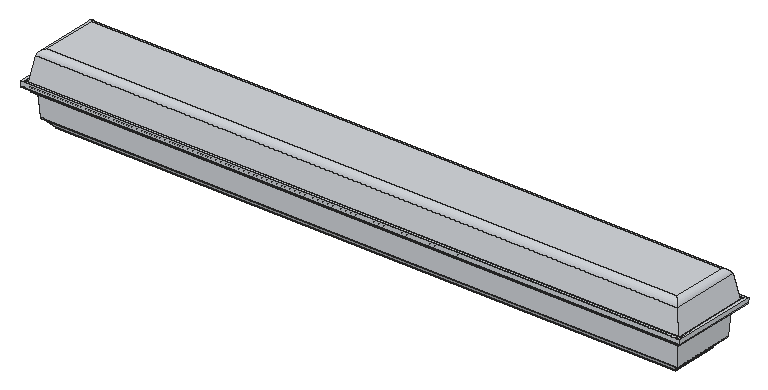
Revit family "Q2", category Lighting Fixtures, host Face, Revit 2025
Family settings
  Host = Face
  Round Connector Dimension = Use Diameter
  Part Type = Normal
  Cut with Voids When Loaded = No
  Light Source = Yes
  Maintain Annotation Orientation = Yes
  Shared = No
  Room Calculation Point = No
Parameters (values of type "METALUX 4VT2-LD4-8-DR-UNV-L835-CD1-WL-U")
  Width = 49 13/16"
  Wattage = 9.2903 W
  built-in parameter 1150110 = 1 (stored number, unit not read)
  URL = "https://www.zoro.com/metalux-ld4-8000lm-unv-3500k-cd1-wl-u-4vt2-4vt2-ld4-8-dr-unv-l835-cd1-wl-u/i/G1221719/"
  built-in parameter 1114217 = 1 (stored number, unit not read)
  built-in parameter 1150109 = 1 (stored number, unit not read)
  built-in parameter 1150134 = 3
  Sweep Margin = 3"
  built-in parameter 1150113 = 1 (stored number, unit not read)
  Offset [instance] = 0"
  Nominal Width = Width - (Sweep Margin * 2)  # 43 13/16"
  Model = "METALUX 4VT2-LD4-8-DR-UNV-L835-CD1-WL-U"
  Manufacturer = "Cooper Lighting Solutions"
  built-in parameter 1150105 = 439.27 (stored number, unit not read)
  Lumens = 1380 lm
  built-in parameter 1150115 = 1 (stored number, unit not read)
  Light Source Symbol Size = 36"
  built-in parameter 1150137 = (empty or 0)
  built-in parameter 1150139 = (empty or 0)
  built-in parameter 1150112 = 1 (stored number, unit not read)
  built-in parameter 1150114 = 1 (stored number, unit not read)
  built-in parameter 1150132 = (empty or 0)
  built-in parameter 1150102 = (empty or 0)
  built-in parameter 1150107 = 3200 (stored number, unit not read)
  built-in parameter 1150138 = (empty or 0)
  built-in parameter 1150106 = 4.3927 (stored number, unit not read)
  Height = 6.45575"
  Emit from Line Length = 24"
  built-in parameter 1150104 = 13.8 (stored number, unit not read)
  Dimming Lamp Color Temperature Shift = <None>
  Default Elevation = 48"
  Color Filter = 16777215
  Ballast Voltage = 0 V
  built-in parameter 1114218 = 1 (stored number, unit not read)
  built-in parameter 1150133 = 10 (stored number, unit not read)
  Apparent Load = 0 VA
Reference planes (in)
  plane 1 "Center (Front/Back)": y = 0
  plane 2: z = 0
  plane 3 "Center (Left/Right)": x = 0
  plane 4: y = 0.5
  plane 5: z = 0
  plane 6: x = -19.5047163
  plane 7: x = -16.5268409
  plane 8: y = 0
  plane 9: x = 0
  plane 10: z = 0
  plane 11: y = 0.5
  plane 12: z = 0
  plane 13: x = -16.5268409
  plane 14: z = 0
Forms (in)
  Sweep 1, solid, detail levels medium+fine
    path origin (0, -32.2738911, 0) x (1, 0, 0) y (0, 1, 0)
      loop
        line (-21.90625, 32.5238911) -> (-21.90625, 32.0238911) -> (21.90625, 32.0238911) -> (21.90625, 32.5238911) -> (-21.90625, 32.5238911)
    profile origin (0, 0.25, 0) x (0, 1, 0) y (0, 0, 1)
      loop
        line (1.8517777, 2.2280208) -> (0, 2.2280208) -> (0, -2.7744571) -> (0.2770275, -2.7744571) -> (0.5184892, -3.058736) -> (0.5526464, -3.0873973) -> (0.6080021, -3.1002343) -> (1.4023195, -3.1002343)
        arc (1.4023195, -3.1002343) -> (1.4566291, -3.0879562) -> (1.5003753, -3.0535099) r 0.1262521
        line (1.5003753, -3.0535099) -> (1.9422799, -2.5288614) -> (1.977364, -2.5117497)
        arc (1.977364, -2.5117497) -> (2.0626007, -2.4785934) -> (2.1030484, -2.3965652) r 0.1261803
        line (2.1030484, -2.3965652) -> (2.2555141, -0.6536343) -> (2.5283161, -0.6042732) -> (2.5793382, -0.3148419)
        arc (2.5793382, -0.3148419) -> (2.6008914, -0.277474) -> (2.6414339, -0.2627362) r 0.062992
        line (2.6414339, -0.2627362) -> (2.8826411, -0.2627362)
        arc (2.8826411, -0.2627362) -> (2.9252795, -0.2461462) -> (2.9454929, -0.2051013) r 0.0630879
        line (2.9454929, -0.2051013) -> (2.9778753, 0.1681459) -> (2.7854208, 0.1681459)
        arc (2.7854208, 0.1681459) -> (2.7657435, 0.1611198) -> (2.7574287, 0.1419514) r 0.0262523
        line (2.7574287, 0.1419514) -> (2.7574287, 0.110421)
        arc (2.7574287, 0.110421) -> (2.6998587, 0.0475936) -> (2.6322523, 0.0994681) r 0.0630674
        line (2.6322523, 0.0994681) -> (2.3276479, 1.8267446)
        arc (2.3276479, 1.8267446) -> (2.1624608, 2.1136539) -> (1.8517777, 2.2280208) r 0.4856194
  Extrusion 2, solid, detail levels medium+fine
    sketch origin (0, 0, 0) x (1, 0, 0) y (0, 1, 0)
      loop
        line (-23.4066253, 1.7503753) -> (-23.4066253, -1.7503753) -> (23.4066253, -1.7503753) -> (23.4066253, 1.7503753) -> (-23.4066253, 1.7503753)
    from -3.1002343 to 2.2280208
  Sweep 3, solid, not visible, detail levels medium+fine
    path origin (0, -32.2738911, 0) x (1, 0, 0) y (0, 1, 0)
      loop
        line (-21.90625, 32.5238911) -> (-21.90625, 32.0238911) -> (21.90625, 32.0238911) -> (21.90625, 32.5238911) -> (-21.90625, 32.5238911)
    profile origin (0, 0.25, 0) x (0, 1, 0) y (0, 0, 1)
      loop
        line (1.8517777, 2.2280208) -> (0, 2.2280208) -> (0, -2.7744571) -> (0.2770275, -2.7744571) -> (0.5184892, -3.058736) -> (0.5526464, -3.0873973) -> (0.6080021, -3.1002343) -> (1.4023195, -3.1002343)
        arc (1.4023195, -3.1002343) -> (1.4566291, -3.0879562) -> (1.5003753, -3.0535099) r 0.1262521
        line (1.5003753, -3.0535099) -> (1.9422799, -2.5288614) -> (1.977364, -2.5117497)
        arc (1.977364, -2.5117497) -> (2.0626007, -2.4785934) -> (2.1030484, -2.3965652) r 0.1261803
        line (2.1030484, -2.3965652) -> (2.2555141, -0.6536343) -> (2.5283161, -0.6042732) -> (2.5793382, -0.3148419)
        arc (2.5793382, -0.3148419) -> (2.6008914, -0.277474) -> (2.6414339, -0.2627362) r 0.062992
        line (2.6414339, -0.2627362) -> (2.8826411, -0.2627362)
        arc (2.8826411, -0.2627362) -> (2.9252795, -0.2461462) -> (2.9454929, -0.2051013) r 0.0630879
        line (2.9454929, -0.2051013) -> (2.9778753, 0.1681459) -> (2.7854208, 0.1681459)
        arc (2.7854208, 0.1681459) -> (2.7657435, 0.1611198) -> (2.7574287, 0.1419514) r 0.0262523
        line (2.7574287, 0.1419514) -> (2.7574287, 0.110421)
        arc (2.7574287, 0.110421) -> (2.6998587, 0.0475936) -> (2.6322523, 0.0994681) r 0.0630674
        line (2.6322523, 0.0994681) -> (2.3276479, 1.8267446)
        arc (2.3276479, 1.8267446) -> (2.1624608, 2.1136539) -> (1.8517777, 2.2280208) r 0.4856194
Cuts and joins
  joined: Sweep 1, Extrusion 2
Lines and regions (in)
  symbolic lines
    curve 1: line (-24.90625, 3.2278753, 0) -> (24.90625, 3.2278753, 0)
    curve 2: line (-24.90625, -3.2278753, 0) -> (-24.90625, 3.2278753, 0)
    curve 3: line (24.90625, -3.2278753, 0) -> (-24.90625, -3.2278753, 0)
    curve 4: line (24.90625, 3.2278753, 0) -> (24.90625, -3.2278753, 0)
Dimensions and locks (in)
  Sweep 1 sketch curve to Sweep 1 sketch curve = 1/2"
  plane 6 to plane 7 = 2.97788"
  "Nominal Width": Sweep 1 sketch curve to Sweep 1 sketch curve
  cut or joined group of Sweep 1, Extrusion 2 to cut or joined group of Sweep 1, Extrusion 2 = 49.76825"
  "Height": cut or joined group of Sweep 1, Extrusion 2 to cut or joined group of Sweep 1, Extrusion 2
  equal spacing: curve 2, plane 3 "Center (Left/Right)", curve 4
  equal spacing: curve 1, plane 1 "Center (Front/Back)", curve 3
  "Width": curve 2 to curve 4
  "Height": curve 1 to curve 3
  Sweep 3 sketch curve to Sweep 3 sketch curve = 1/2"
  "Nominal Width": Sweep 3 sketch curve to Sweep 3 sketch curve
  "Offset": plane 10 to plane 2
  aligned and locked: plane 2 to host face
  aligned and locked: level to host face
  aligned and locked: Sweep 1 to Extrusion 2
  aligned and locked: Extrusion 2 to Sweep 1
  aligned and locked: Extrusion 2 sketch curve to cut or joined group of Sweep 1, Extrusion 2  (x4)
Automatic sketch dimensions
  host sketch curve to host sketch curve = 96"  (x2)
  Sweep 1 sketch curve to profile plane = 0"
  Sweep 1 sketch curve to plane 4 = 0.02703"
  Sweep 1 sketch curve to plane 4 = 0.26849"
  Sweep 1 sketch curve to Sweep 1 sketch curve = 0.03416"
  Sweep 1 sketch curve to Sweep 1 sketch curve = 0.05536"
  Sweep 1 sketch curve to Sweep 1 sketch curve = 0.79432"
  Sweep 1 sketch curve to Sweep 1 sketch curve = 0.09806"
  Sweep 1 sketch curve to plane 4 = 1.59941"
  Sweep 1 sketch curve to Sweep 1 sketch curve = 0.00237"
  Sweep 1 sketch curve to Sweep 1 sketch curve = 0.4419"
  Sweep 1 sketch curve to Sweep 1 sketch curve = 0.03507"
  Sweep 1 sketch curve to Sweep 1 sketch curve = 0.03508"
  Sweep 1 sketch curve to Sweep 1 sketch curve = 0.1257"
  Sweep 1 sketch curve to Sweep 1 sketch curve = 0.15247"
  Sweep 1 sketch curve to Sweep 1 sketch curve = 0.47824"
  Sweep 1 sketch curve to Sweep 1 sketch curve = 0.2728"
  Sweep 1 sketch curve to Sweep 1 sketch curve = 0.05102"
  Sweep 1 sketch curve to Sweep 1 sketch curve = 0.05291"
  Sweep 1 sketch curve to Sweep 1 sketch curve = 0.06204"
  Sweep 1 sketch curve to Sweep 1 sketch curve = 0.00005"
  Sweep 1 sketch curve to Sweep 1 sketch curve = 0.06211"
  Sweep 1 sketch curve to Sweep 1 sketch curve = 0.06307"
  Sweep 1 sketch curve to Sweep 1 sketch curve = 0.02625"
  Sweep 1 sketch curve to Sweep 1 sketch curve = 0.00174"
  Sweep 1 sketch curve to Sweep 1 sketch curve = 0.24121"
  Sweep 1 sketch curve to Sweep 1 sketch curve = 0.06285"
  Sweep 1 sketch curve to Sweep 1 sketch curve = 0.19245"
  Sweep 1 sketch curve to Sweep 1 sketch curve = 1.73194"
  Sweep 1 sketch curve to Sweep 1 sketch curve = 0.011"
  Sweep 1 sketch curve to Sweep 1 sketch curve = 0.01711"
  Sweep 1 sketch curve to Sweep 1 sketch curve = 0.2456"
  Sweep 1 sketch curve to Sweep 1 sketch curve = 0.44512"
  Sweep 1 sketch curve to Sweep 1 sketch curve = 0.07953"
  Sweep 1 sketch curve to Sweep 1 sketch curve = 0.0415"
  Sweep 1 sketch curve to Sweep 1 sketch curve = 0.02866"
  Sweep 1 sketch curve to Sweep 1 sketch curve = 0.01089"
  Sweep 1 sketch curve to Sweep 1 sketch curve = 0.08434"
  plane 1 "Center (Front/Back)" to Extrusion 2 sketch curve = 1.75038"
  Sweep 1 sketch curve to plane 7 = 5.37941"
  Sweep 1 sketch curve to profile plane = 3.10023"
  Sweep 1 sketch curve to Sweep 1 sketch curve = 0.04936"
  Sweep 1 sketch curve to Sweep 1 sketch curve = 0.27855"
  Sweep 1 sketch curve to Sweep 1 sketch curve = 0.05763"
  profile plane to Sweep 1 sketch curve = 0.09947"
  Sweep 1 sketch curve to Sweep 1 sketch curve = 0.03153"
  profile plane to Sweep 1 sketch curve = 1.74241"
  Sweep 3 sketch curve to profile plane = 0"
  Sweep 3 sketch curve to plane 11 = 0.02703"
  Sweep 3 sketch curve to plane 11 = 0.26849"
  Sweep 3 sketch curve to Sweep 3 sketch curve = 0.03416"
  Sweep 3 sketch curve to Sweep 3 sketch curve = 0.05536"
  Sweep 3 sketch curve to Sweep 3 sketch curve = 0.79432"
  Sweep 3 sketch curve to Sweep 3 sketch curve = 0.09806"
  Sweep 3 sketch curve to plane 11 = 1.59941"
  Sweep 3 sketch curve to Sweep 3 sketch curve = 0.00237"
  Sweep 3 sketch curve to Sweep 3 sketch curve = 0.4419"
  Sweep 3 sketch curve to Sweep 3 sketch curve = 0.03507"
  Sweep 3 sketch curve to Sweep 3 sketch curve = 0.03508"
  Sweep 3 sketch curve to Sweep 3 sketch curve = 0.1257"
  Sweep 3 sketch curve to Sweep 3 sketch curve = 0.15247"
  Sweep 3 sketch curve to Sweep 3 sketch curve = 0.47824"
  Sweep 3 sketch curve to Sweep 3 sketch curve = 0.2728"
  Sweep 3 sketch curve to Sweep 3 sketch curve = 0.05102"
  Sweep 3 sketch curve to Sweep 3 sketch curve = 0.05291"
  Sweep 3 sketch curve to Sweep 3 sketch curve = 0.06204"
  Sweep 3 sketch curve to Sweep 3 sketch curve = 0.00005"
  Sweep 3 sketch curve to Sweep 3 sketch curve = 0.06211"
  Sweep 3 sketch curve to Sweep 3 sketch curve = 0.06307"
  Sweep 3 sketch curve to Sweep 3 sketch curve = 0.02625"
  Sweep 3 sketch curve to Sweep 3 sketch curve = 0.00174"
  Sweep 3 sketch curve to Sweep 3 sketch curve = 0.24121"
  Sweep 3 sketch curve to Sweep 3 sketch curve = 0.06285"
  Sweep 3 sketch curve to Sweep 3 sketch curve = 0.19245"
  Sweep 3 sketch curve to Sweep 3 sketch curve = 1.73194"
  Sweep 3 sketch curve to Sweep 3 sketch curve = 0.011"
  Sweep 3 sketch curve to Sweep 3 sketch curve = 0.01711"
  Sweep 3 sketch curve to Sweep 3 sketch curve = 0.2456"
  Sweep 3 sketch curve to Sweep 3 sketch curve = 0.44512"
  Sweep 3 sketch curve to Sweep 3 sketch curve = 0.07953"
  Sweep 3 sketch curve to Sweep 3 sketch curve = 0.0415"
  Sweep 3 sketch curve to Sweep 3 sketch curve = 0.02866"
  Sweep 3 sketch curve to Sweep 3 sketch curve = 0.01089"
  Sweep 3 sketch curve to Sweep 3 sketch curve = 0.08434"
  Sweep 3 sketch curve to plane 13 = 5.37941"
  Sweep 3 sketch curve to profile plane = 3.10023"
  Sweep 3 sketch curve to Sweep 3 sketch curve = 0.04936"
  Sweep 3 sketch curve to Sweep 3 sketch curve = 0.27855"
  Sweep 3 sketch curve to Sweep 3 sketch curve = 0.05763"
  profile plane to Sweep 3 sketch curve = 0.09947"
  Sweep 3 sketch curve to Sweep 3 sketch curve = 0.03153"
  profile plane to Sweep 3 sketch curve = 1.74241"
Connectors (in)
  electrical at (0, 1.2233478, -3.1002343), driven by "Ballast Voltage", driven by "Apparent Load"
    settings: on cut or joined group of Sweep 1, Extrusion 2, index 1, voltage 0 V, apparent load 0 VA, apparent load phase1 0 VA, apparent load phase2 0 VA, apparent load phase3 0 VA, power factor 1, load classification "Other", number of poles 1, system type 31, power factor state 1, is connector primary yes, connector utility no, sub classification motor no, connector description ""
